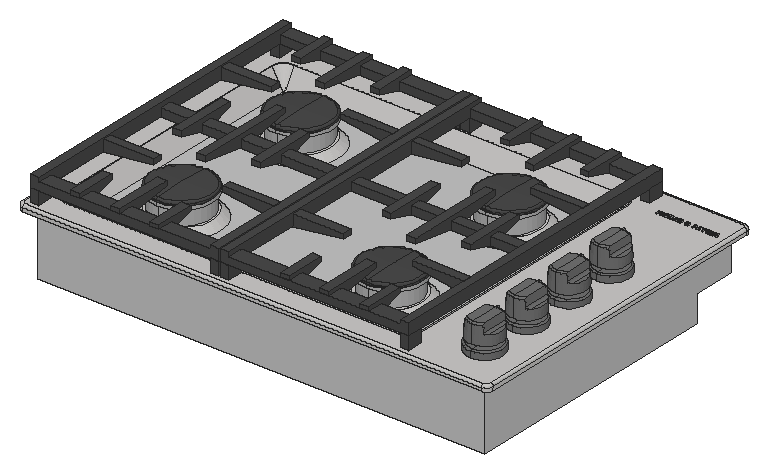
Revit family "FP_Revit_18_CDV3-304-L_Cooktop_90001910A", category Specialty Equipment, Revit 2018
Family settings
  Round Connector Dimension = Use Diameter
  Part Type = Normal
  OmniClass Number = 23.40.40.14.17.11
  OmniClass Title = Cookers, Ovens, Stoves
  Work Plane-Based = No
  Always vertical = Yes
  Cut with Voids When Loaded = Yes
  Shared = No
  Room Calculation Point = No
Parameters (values of type "CDV3-304-L")
  Visibility - Gas Elbow Side Facing = yes
  Visibility - Gas Elbow Rear Facing = yes
  Visibility - Clearance Required = yes
  URL = "www.fisherpaykel.com"
  Product - Width = 762 mm  # constant formula
  Product - Height = 162 mm  # constant formula
  Product - Depth = 533 mm  # constant formula
  Model = "CDV3-304-L"
  Material - Trim = Fisher & Paykel - Aluminium, Dark
  Material - Cooktop = Fisher & Paykel - Stainless Steel
  Material - Burners & Trivets = Fisher & Paykel - Black, Matte
  Material - Body = Fisher & Paykel - Grey
  Manufacturer = "Fisher & Paykel Appliances"
  Keynote = ""
  FFL Offset [instance] = 915 mm
  Description = "30\" Professional Gas Cooktop,"
  Connector Note - Gas = "LP Supply Pressure = 11\" to 14\" WC, 1/2\" NPT Minimum 5/8\" dia. flex line"
  Connector Note - Electrical = "120 V, 0.1 A Max, 60 Hz"
  Clearance - Side Combustible = 305 mm  # constant formula
  Clearance - Rear Combustible = 51 mm  # constant formula
  Clearance - Overhead Rangehood = 762 mm  # constant formula
  Clearance - Overhead Non-Combustible = 762 mm  # constant formula
  Clearance - Overhead Combustible = 914 mm  # constant formula
  Clearance - Below Non-Combustible = 70 mm  # constant formula
  Clearance - Below Combustible = 65 mm  # constant formula
  Chassis - Width = 723 mm  # constant formula
  Chassis - Height = 102 mm  # constant formula
  Chassis - Depth = 497 mm  # constant formula
  Cavity - Width = 727 mm  # constant formula
  Cavity - Height = 112 mm  # constant formula
  Cavity - Depth = 502 mm  # constant formula
Types (5, lengths in mm): name | Visibility - Gas Elbow Side Facing | Visibility - Gas Elbow Rear Facing | Model | Connector Note - Gas
  (no name) | yes | yes | "CDV3-304-L" | "LP Supply Pressure = 11\" to 14\" WC, 1/2\" NPT Minimum 5/8\" dia. flex line"
  CDV3-304H-L | no | no | "CDV3-304H-L" | "LP Supply Pressure = 11\" to 14\" WC, 1/2\" NPT Minimum 5/8\" dia. flex line"
  CDV3-304H-N | yes | yes | "CDV3-304H-N" | "NG Supply Pressure = 6\" to 9\" WC, 1/2\" NPT Minimum 5/8\" dia. flex line"
  CDV3-304-N | yes | yes | "CDV3-304-N" | "NG Supply Pressure = 6\" to 9\" WC, 1/2\" NPT Minimum 5/8\" dia. flex line"
  CDV3-304-L | yes | yes | "CDV3-304-L" | "LP Supply Pressure = 11\" to 14\" WC, 1/2\" NPT Minimum 5/8\" dia. flex line"
Reference planes
  plane 1 "Datum": y = 0
  plane 2: z = 0
  plane 3 "Center (Left/Right)": x = 0
  plane 4 "Product LHS": x = -381
  plane 5 "Product RHS": x = 381
  plane 6 "Product - Depth": y = 533
  plane 7 "Cavity LHS": x = -363.5
  plane 8 "Cavity RHS": x = 363.5
  plane 9 "Cavity - Front": y = 15.8
  plane 10 "Cavity - Depth": y = 517.8
  plane 11 "Basepan": z = 813
  plane 12 "Countertop": z = 915
  plane 13 "Hob Top": z = 924.5
Forms (mm)
  Extrusion 1, solid, material "Fisher & Paykel - Grey" <- "Material - Body"
    sketch origin (0, 0, 0) x (1, 0, 0) y (0, 1, 0)
      loop
        line (361.5, 447.3) -> (255, 447.3) -> (255, 515.3) -> (-361.5, 515.3) -> (-361.5, 18.3) -> (361.5, 18.3) -> (361.5, 447.3)
    from 813 to 915
  Extrusion 2, solid, material "Fisher & Paykel - Clearance Required (Cutout)", visible <- "Visibility - Clearance Required", detail levels coarse
    sketch origin (0, 0, 0) x (1, 0, 0) y (0, 1, 0)
      loop
        line (-363.5, 15.8) -> (363.5, 15.8) -> (363.5, 517.8) -> (-363.5, 517.8) -> (-363.5, 15.8)
    from 803 to 915
  Extrusion 3, solid, material "Fisher & Paykel - Stainless Steel" <- "Material - Cooktop"
    sketch origin (0, 0, 0) x (1, 0, 0) y (0, 1, 0)
      loop
        arc (-371, 533) -> (-378.071, 530.071) -> (-381, 523) r 10
        line (-381, 523) -> (-381, 10)
        arc (-381, 10) -> (-378.071, 2.929) -> (-371, 0) r 10
        line (-371, 0) -> (371, 0)
        arc (371, 0) -> (378.071, 2.929) -> (381, 10) r 10
        line (381, 10) -> (381, 523)
        arc (381, 523) -> (378.071, 530.071) -> (371, 533) r 10
        line (371, 533) -> (-371, 533)
    from 915 to 924.5
  Extrusion 4, void
    sketch origin (0, 0, 0) x (1, 0, 0) y (0, 1, 0)
      loop
        arc (-330.447, 496.197) -> (-344.589, 490.34) -> (-350.447, 476.197) r 20
        line (-350.447, 476.197) -> (-350.447, 57.203)
        arc (-350.447, 57.203) -> (-344.589, 43.06) -> (-330.447, 37.203) r 20
        line (-330.447, 37.203) -> (205.627, 37.203)
        arc (205.627, 37.203) -> (219.769, 43.06) -> (225.627, 57.203) r 20
        line (225.627, 57.203) -> (225.627, 476.197)
        arc (225.627, 476.197) -> (219.769, 490.34) -> (205.627, 496.197) r 20
        line (205.627, 496.197) -> (-330.447, 496.197)
    from 893 to 924.5
  Sweep 5, solid, material "Fisher & Paykel - Stainless Steel" <- "Material - Cooktop", detail levels fine
    path in 3D
      loop
        arc (205.627, 496.197, 924.5) -> (219.769, 490.34, 924.5) -> (225.627, 476.197, 924.5) r 20
        line (225.627, 476.197, 924.5) -> (225.627, 57.203, 924.5)
        arc (225.627, 57.203, 924.5) -> (219.769, 43.06, 924.5) -> (205.627, 37.203, 924.5) r 20
        line (205.627, 37.203, 924.5) -> (-330.447, 37.203, 924.5)
        arc (-330.447, 37.203, 924.5) -> (-344.589, 43.06, 924.5) -> (-350.447, 57.203, 924.5) r 20
        line (-350.447, 57.203, 924.5) -> (-350.447, 476.197, 924.5)
        arc (-350.447, 476.197, 924.5) -> (-344.589, 490.34, 924.5) -> (-330.447, 496.197, 924.5) r 20
        line (-330.447, 496.197, 924.5) -> (205.627, 496.197, 924.5)
    profile origin (-62.41, 496.197, 924.5) x (0, 1, 0) y (0, 0, 1)
      loop
        line (0, 0) -> (-18.187, -31.5) -> (0, -31.5) -> (0, 0)
  Sweep 6, void
    path in 3D
      loop
        arc (381, 523, 924.5) -> (378.071, 530.071, 924.5) -> (371, 533, 924.5) r 10
        line (371, 533, 924.5) -> (-371, 533, 924.5)
        arc (-371, 533, 924.5) -> (-378.071, 530.071, 924.5) -> (-381, 523, 924.5) r 10
        line (-381, 523, 924.5) -> (-381, 10, 924.5)
        arc (-381, 10, 924.5) -> (-378.071, 2.929, 924.5) -> (-371, 0, 924.5) r 10
        line (-371, 0, 924.5) -> (371, 0, 924.5)
        arc (371, 0, 924.5) -> (378.071, 2.929, 924.5) -> (381, 10, 924.5) r 10
        line (381, 10, 924.5) -> (381, 523, 924.5)
    profile origin (381, 266.5, 924.5) x (-1, 0, 0) y (0, 0, 1)
      loop
        line (0, 0) -> (0, -4)
        arc (0, -4) -> (1.172, -1.172) -> (4, 0) r 4
        line (4, 0) -> (0, 0)
  Extrusion 7, solid, material "Fisher & Paykel - Grey" <- "Material - Body"
    sketch origin (0, 0, 0) x (1, 0, 0) y (0, 1, 0)
      loop
        circle (338.231, 491.487) r 3
    from 856.4 to 844
  Extrusion 8, solid, material "Fisher & Paykel - Grey" <- "Material - Body"
    sketch origin (0, 0, 0) x (1, 0, 0) y (0, 1, 0)
      loop
        circle (290.996, 481.611) r 10.5
      loop
        circle (290.996, 481.611) r 7
    from 844 to 856.4
  Extrusion 9, void
    sketch origin (0, 0, 0) x (1, 0, 0) y (0, 1, 0)
      loop
        line (-363.5, 15.8) -> (363.5, 15.8) -> (363.5, 517.8) -> (-363.5, 517.8) -> (-363.5, 15.8)
    from 803 to 915
  Extrusion 10, solid, material "Fisher & Paykel - Clearance Required (Combustible)", visible <- "Visibility - Clearance Required", detail levels coarse
    sketch origin (0, 0, -9.5) x (1, 0, 0) y (0, 1, 0)
      loop
        line (-686, 0) -> (-381, 0) -> (-381, 533) -> (381, 533) -> (381, 0) -> (686, 0) -> (686, 568.8) -> (-686, 568.8) -> (-686, 0)
    from 924.5 to 1381.5
  Extrusion 11, solid, material "Fisher & Paykel - Clearance Required (Non-Combustible)", visible <- "Visibility - Clearance Required", detail levels coarse
    sketch origin (0, 0, 0) x (1, 0, 0) y (0, 1, 0)
      loop
        line (-381, 0) -> (381, 0) -> (381, 533) -> (-381, 533) -> (-381, 0)
    from 924.5 to 1686.5
  Extrusion 12, solid, material "Fisher & Paykel - Clearance Required (Combustible)", visible <- "Visibility - Clearance Required", detail levels coarse
    sketch origin (0, 0, 0) x (1, 0, 0) y (0, 1, 0)
      loop
        line (-381, 0) -> (381, 0) -> (381, 533) -> (-381, 533) -> (-381, 0)
    from 1686.5 to 1838.5
  Extrusion 13, solid, material "Fisher & Paykel - Grey" <- "Material - Body"
    sketch origin (0, 0, 0) x (1, 0, 0) y (0, 1, 0)
      loop
        line (255, 447.3) -> (361.5, 447.3) -> (361.5, 515.3) -> (255, 515.3) -> (255, 447.3)
    from 856.4 to 915
Cuts and joins
  Extrusion 4 cuts Extrusion 1
  joined: Extrusion 1, Extrusion 13
  Extrusion 4, Sweep 6 cuts Extrusion 3
Lines and regions (mm)
  sketch lines
    curve 1: line (-330.447, 496.197, 924.5) -> (205.627, 496.197, 924.5)
    curve 2: arc (225.627, 476.197, 924.5) -> (219.769, 490.34, 924.5) -> (205.627, 496.197, 924.5) r 20
    curve 3: line (225.627, 476.197, 924.5) -> (225.627, 57.203, 924.5)
    curve 4: arc (205.627, 37.203, 924.5) -> (219.769, 43.06, 924.5) -> (225.627, 57.203, 924.5) r 20
    curve 5: line (205.627, 37.203, 924.5) -> (-330.447, 37.203, 924.5)
    curve 6: arc (-350.447, 57.203, 924.5) -> (-344.589, 43.06, 924.5) -> (-330.447, 37.203, 924.5) r 20
    curve 7: arc (-330.447, 496.197, 924.5) -> (-344.589, 490.34, 924.5) -> (-350.447, 476.197, 924.5) r 20
    curve 8: line (-350.447, 57.203, 924.5) -> (-350.447, 476.197, 924.5)
    curve 9: line (381, 10, 924.5) -> (381, 523, 924.5)
    curve 10: arc (381, 10, 924.5) -> (378.071, 2.929, 924.5) -> (371, 0, 924.5) r 10
    curve 11: line (-371, 0, 924.5) -> (371, 0, 924.5)
    curve 12: arc (-371, 0, 924.5) -> (-378.071, 2.929, 924.5) -> (-381, 10, 924.5) r 10
    curve 13: line (-381, 523, 924.5) -> (-381, 10, 924.5)
    curve 14: arc (-381, 523, 924.5) -> (-378.071, 530.071, 924.5) -> (-371, 533, 924.5) r 10
    curve 15: line (371, 533, 924.5) -> (-371, 533, 924.5)
    curve 16: arc (371, 533, 924.5) -> (378.071, 530.071, 924.5) -> (381, 523, 924.5) r 10
Text (mm)
  text "Due to ongoing product development, product details are subject to change without notice. \nPlease always refer to www.fisherpaykel.com for the most current product information. \n© Fisher & Paykel 2020" at (41.04, -459.323, 0), in view "Ref. Level (Plan)"
Dimensions and locks
  equal spacing: plane 4 "Product LHS", plane 3 "Center (Left/Right)", plane 5 "Product RHS"
  "Product - Width": plane 4 "Product LHS" to plane 5 "Product RHS"
  equal spacing: plane 7 "Cavity LHS", plane 3 "Center (Left/Right)", plane 8 "Cavity RHS"
  "Cavity - Width": plane 7 "Cavity LHS" to plane 8 "Cavity RHS"
  "Chassis - Width": cut or joined group of Extrusion 1, Extrusion 4, Extrusion 13 to cut or joined group of Extrusion 1, Extrusion 4, Extrusion 13
  equal spacing: cut or joined group of Extrusion 1, Extrusion 4, Extrusion 13, plane 3 "Center (Left/Right)", cut or joined group of Extrusion 1, Extrusion 4, Extrusion 13
  "Product - Depth": plane 6 "Product - Depth" to plane 1 "Datum"
  "Cavity - Depth": plane 9 "Cavity - Front" to plane 10 "Cavity - Depth"
  locked: plane 1 "Datum" to plane 9 "Cavity - Front" at 15.8
  locked: plane 13 "Hob Top" to plane 12 "Countertop" at 9.5
  "Chassis - Height": plane 12 "Countertop" to plane 11 "Basepan"
  "FFL Offset": plane 12 "Countertop" to level
  "Cavity - Height": plane 12 "Countertop" to Extrusion 2
  plane 12 "Countertop" to Sweep 5 = 22 mm
  locked: nested 3 to plane 12 "Countertop" at 49.5
  locked: plane 12 "Countertop" to cut or joined group of Extrusion 1, Extrusion 4, Extrusion 13 at 22
  locked: Extrusion 10 to plane 12 "Countertop" at 457
  "Clearance - Overhead Non-Combustible": Extrusion 11 to plane 13 "Hob Top"
  Extrusion 10 to plane 10 "Cavity - Depth" to cut or joined group of Extrusion 1, Extrusion 4, Extrusion 13 = 15.2 mm, 2.5 mm
  "Clearance - Overhead Combustible": Extrusion 12 to plane 13 "Hob Top"
  "Clearance - Rear Combustible": Extrusion 10 to plane 10 "Cavity - Depth"
  "Clearance - Side Combustible": Extrusion 10 to plane 4 "Product LHS"
  "Clearance - Side Combustible": plane 5 "Product RHS" to Extrusion 10
  "Chassis - Depth": cut or joined group of Extrusion 1, Extrusion 4, Extrusion 13 to cut or joined group of Extrusion 1, Extrusion 4, Extrusion 13
  locked: plane 1 "Datum" to cut or joined group of Extrusion 1, Extrusion 4, Extrusion 13 at 18.3
  locked: Extrusion 13 to plane 12 "Countertop" at 58.6
  locked: plane 12 "Countertop" to nested 15 at 86.6
  locked: plane 12 "Countertop" to nested 16 at 86.6
  locked: plane 12 "Countertop" to Extrusion 8 at 71
  aligned and locked: level to plane 2
  aligned and locked: plane 6 "Product - Depth" to Extrusion 3
  aligned and locked: plane 1 "Datum" to Extrusion 3
  aligned and locked: Extrusion 3 to plane 4 "Product LHS"
  aligned and locked: Extrusion 3 to plane 5 "Product RHS"
  aligned and locked: Extrusion 2 to plane 9 "Cavity - Front"
  aligned and locked: plane 12 "Countertop" to Extrusion 2
  aligned and locked: Extrusion 2 to Extrusion 1
  aligned and locked: Extrusion 1 to plane 11 "Basepan"
  aligned and locked: Extrusion 3 to Extrusion 2
  aligned and locked: Extrusion 9 to Extrusion 2  (x2)
  aligned and locked: plane 13 "Hob Top" to Extrusion 3
  aligned and locked: cut or joined group of Extrusion 3, Extrusion 4, Sweep 6 to Extrusion 4
  aligned and locked: Extrusion 10 to Extrusion 2
  aligned and locked: Extrusion 11 to cut or joined group of Extrusion 3, Extrusion 4, Sweep 6
  aligned and locked: Extrusion 12 to Extrusion 11
  aligned and locked: plane 12 "Countertop" to Extrusion 13
  aligned and locked: Extrusion 8 to Extrusion 13
  aligned and locked: Extrusion 7 to Extrusion 13
  aligned and locked: Extrusion 13 to cut or joined group of Extrusion 1, Extrusion 4, Extrusion 13  (x2)
  aligned and locked: Extrusion 13 to cut or joined group of Extrusion 3, Extrusion 4, Sweep 6
  aligned and locked: Extrusion 8 to Extrusion 7
  aligned and locked: Extrusion 1 to Extrusion 13
Automatic sketch dimensions
  plane 10 "Cavity - Depth" to Extrusion 2 sketch curve = 0 mm
  Extrusion 2 sketch curve to plane 9 "Cavity - Front" = 0 mm
  plane 7 "Cavity LHS" to Extrusion 2 sketch curve = 0 mm
  Extrusion 2 sketch curve to plane 8 "Cavity RHS" = 0 mm
  Extrusion 3 sketch curve to plane 4 "Product LHS" = 0 mm
  plane 1 "Datum" to Extrusion 3 sketch curve = 0 mm
  Extrusion 3 sketch curve to plane 6 "Product - Depth" = 0 mm
  Extrusion 3 sketch curve to plane 5 "Product RHS" = 0 mm
  plane 7 "Cavity LHS" to Extrusion 3 sketch curve = 7.5 mm  (x2)
  Extrusion 3 sketch curve to plane 8 "Cavity RHS" = 7.5 mm
  Extrusion 3 sketch curve to plane 9 "Cavity - Front" = 5.8 mm
  Extrusion 4 sketch curve to plane 7 "Cavity LHS" = 13.053 mm
  plane 9 "Cavity - Front" to Extrusion 4 sketch curve = 21.403 mm
  Extrusion 4 sketch curve to Extrusion 4 sketch curve = 20 mm  (x3)
  plane 10 "Cavity - Depth" to Extrusion 4 sketch curve = 21.603 mm
  plane 8 "Cavity RHS" to Extrusion 4 sketch curve = 157.873 mm  (x2)
  Sweep 5 sketch curve to profile plane = 0 mm  (x2)
  profile plane to Sweep 5 sketch curve = 18.187 mm
  Sweep 5 sketch curve to Sweep 5 sketch curve = 31.5 mm
  Sweep 6 sketch curve to profile plane = 0 mm  (x2)
  Sweep 6 sketch curve to Sweep 6 sketch curve = 4 mm
  plane 8 "Cavity RHS" to Extrusion 7 sketch curve = 25.269 mm
  plane 10 "Cavity - Depth" to Extrusion 7 sketch curve = 26.312 mm
  plane 10 "Cavity - Depth" to Extrusion 9 sketch curve = 0 mm
  Extrusion 9 sketch curve to plane 9 "Cavity - Front" = 0 mm
  plane 7 "Cavity LHS" to Extrusion 9 sketch curve = 0 mm
  Extrusion 9 sketch curve to plane 8 "Cavity RHS" = 0 mm
  plane 1 "Datum" to Extrusion 10 sketch curve = 0 mm  (x2)
  Extrusion 10 sketch curve to plane 4 "Product LHS" = 0 mm
  Extrusion 10 sketch curve to plane 5 "Product RHS" = 0 mm
  Extrusion 10 sketch curve to plane 6 "Product - Depth" = 0 mm
  plane 4 "Product LHS" to Extrusion 10 sketch curve = 305 mm
  Extrusion 10 sketch curve to Extrusion 10 sketch curve = 305 mm
  plane 6 "Product - Depth" to Extrusion 10 sketch curve = 35.8 mm
  Extrusion 11 sketch curve to plane 4 "Product LHS" = 0 mm
  Extrusion 11 sketch curve to plane 5 "Product RHS" = 0 mm
  plane 1 "Datum" to Extrusion 11 sketch curve = 0 mm
  Extrusion 11 sketch curve to plane 6 "Product - Depth" = 0 mm
  Extrusion 12 sketch curve to plane 4 "Product LHS" = 0 mm
  Extrusion 12 sketch curve to plane 5 "Product RHS" = 0 mm
  plane 1 "Datum" to Extrusion 12 sketch curve = 0 mm
  Extrusion 12 sketch curve to plane 6 "Product - Depth" = 0 mm
  Extrusion 1 sketch curve to plane 7 "Cavity LHS" = 2 mm
  plane 8 "Cavity RHS" to Extrusion 1 sketch curve = 2 mm
  plane 9 "Cavity - Front" to Extrusion 1 sketch curve = 2.5 mm
  plane 10 "Cavity - Depth" to Extrusion 1 sketch curve = 2.5 mm
  Extrusion 1 sketch curve to Extrusion 1 sketch curve = 106.5 mm
  Extrusion 1 sketch curve to Extrusion 1 sketch curve = 68 mm
  Extrusion 13 sketch curve to plane 6 "Product - Depth" = 17.7 mm
  plane 8 "Cavity RHS" to Extrusion 13 sketch curve = 108.5 mm
  plane 5 "Product RHS" to Extrusion 13 sketch curve = 19.5 mm
  plane 10 "Cavity - Depth" to Extrusion 13 sketch curve = 70.5 mm
  Extrusion 8 sketch curve to Extrusion 8 sketch curve = 0 mm  (x2)
  plane 10 "Cavity - Depth" to Extrusion 8 sketch curve = 36.189 mm
  plane 8 "Cavity RHS" to Extrusion 8 sketch curve = 72.504 mm
  radius of Extrusion 7 sketch curve = 3 mm
  radius of Extrusion 8 sketch curve = 7 mm
  radius of Extrusion 8 sketch curve = 10.5 mm
Nested families
  nested 1: "F&P Logo 100mm Horizontal" at (316, 483, 924.5), type "F&P Logo 100mm Horizontal"
  nested 2: "F&P CDV3 Trivet 304" at (-231.8, -53.962, 927.5), type "F&P CDV3 Trivet 304"
  nested 3: "F&P CDV3 Trivet 304" at (107.264, 587.362, 927.5) x (-1, 0, 0) z (0, 0, 1), type "F&P CDV3 Trivet 304"
  nested 4: "F&P Dial CDV3" at (316, 74.79, 924.5), type "F&P Dial CDV3"
  nested 5: "F&P Dial CDV3" at (316, 159.79, 924.5), type "F&P Dial CDV3"
  nested 6: "F&P Dial CDV3" at (316, 244.79, 924.5), type "F&P Dial CDV3"
  nested 7: "F&P Dial CDV3" at (316, 329.79, 924.5), type "F&P Dial CDV3"
  nested 8: "F&P Logo 100mm Horizontal" at (316, 483, 509.5), type "F&P Logo 100mm Horizontal", not visible
  nested 9: "F&P CDV3 Trivet 304" at (-231.8, -53.962, 512.5), type "F&P CDV3 Trivet 304", not visible
  nested 10: "F&P CDV3 Trivet 304" at (107.264, 587.362, 512.5) x (-1, 0, 0) z (0, 0, 1), type "F&P CDV3 Trivet 304", not visible
  nested 11: "F&P Dial CDV3" at (316, 74.79, 509.5), type "F&P Dial CDV3", not visible
  nested 12: "F&P Dial CDV3" at (316, 159.79, 509.5), type "F&P Dial CDV3", not visible
  nested 13: "F&P Dial CDV3" at (316, 244.79, 509.5), type "F&P Dial CDV3", not visible
  nested 14: "F&P Dial CDV3" at (316, 329.79, 509.5), type "F&P Dial CDV3", not visible
  nested 15: "F&P Gas_Elbow" at (290.996, 481.611, 828.4), visible <- "Visibility - Gas Elbow Side Facing", type "F&P Gas_Elbow"
  nested 16: "F&P Gas_Elbow" at (290.996, 481.611, 828.4) x (0, 1, 0) z (0, 0, 1), visible <- "Visibility - Gas Elbow Rear Facing", type "F&P Gas_Elbow"
Connectors
  electrical at (338.231, 491.487, 856.4), driven by "Connector Note - Electrical"
    settings: on Extrusion 7, index 1, voltage 120 V, apparent load 0 VA, apparent load phase1 0 VA, apparent load phase2 0 VA, apparent load phase3 0 VA, power factor 1, load classification "Other", number of poles 1, system type 30, power factor state 1, is connector primary yes, connector utility no, sub classification motor no, connector description "120 V, 0.1 A Max, 60 Hz"
  piping at (290.996, 481.611, 844), diameter 21, driven by "Connector Note - Gas"
    settings: on Extrusion 8, index 2, connector inside diameter 609.6 mm, connector length 0 mm, flow factor 0, pipe flow 0.0 L/s, pressure drop 0.0 Pa, fitting loss kfactor 0, connector angle 0.00°, fixture units 0, engagement length 0 mm, angle of deflection 0.00°, flow configuration 0, flow direction 1, fitting loss method 0, system type 22, joint type 0, gender type 0, connector reference index -1, connector utility 0, adjustable connector no, is connector primary yes, connector description "LP Supply Pressure = 11\" to 14\" WC, 1/2\" NPT Minimum 5/8\" dia. flex line"
Definition of nested family "F&P Logo 100mm Horizontal"
  Parameters (values of type "F&P Logo 100mm Horizontal")
    URL = "www.fisherpaykel.com"
    Material - Logo = none
    Manufacturer = "Fisher & Paykel Appliances"
  Reference planes
    plane 1 "Center (Front/Back)": y = 0
    plane 2: z = 0
    plane 3 "Center (Left/Right)": x = 0
  Forms (mm)
    Extrusion 1, solid, material <- "Material - Logo", detail levels fine
      sketch origin (0, 0, 0) x (1, 0, 0) y (0, 1, 0)
        loop
          line (-49.996, 0) -> (-48.422, 0) -> (-48.422, 2.138) -> (-45.963, 2.138) -> (-45.963, 3.472) -> (-48.422, 3.472) -> (-48.422, 4.712) -> (-45.746, 4.712) -> (-45.746, 6.04) -> (-49.996, 6.04) -> (-49.996, 0)
        loop
          line (-42.756, 6.04) -> (-42.756, 0) -> (-41.182, 0) -> (-41.182, 6.04) -> (-42.756, 6.04)
        loop
          line (-30.676, 6.04) -> (-30.676, 0) -> (-29.103, 0) -> (-29.103, 2.42) -> (-26.791, 2.42) -> (-26.791, 0) -> (-25.217, 0) -> (-25.217, 6.04) -> (-26.791, 6.04) -> (-26.791, 3.748) -> (-29.103, 3.748) -> (-29.103, 6.04) -> (-30.676, 6.04)
        loop
          line (-21.858, 6.04) -> (-21.858, 0) -> (-17.554, 0) -> (-17.554, 1.328) -> (-20.299, 1.328) -> (-20.299, 2.42) -> (-17.79, 2.42) -> (-17.79, 3.748) -> (-20.299, 3.748) -> (-20.299, 4.712) -> (-17.554, 4.712) -> (-17.554, 6.04) -> (-21.858, 6.04)
        loop
          line (45.715, 6.04) -> (45.715, 0) -> (50.004, 0) -> (50.004, 1.328) -> (47.289, 1.328) -> (47.289, 6.04) -> (45.715, 6.04)
        loop
          line (42.479, 6.04) -> (38.161, 6.04) -> (38.161, 0) -> (42.479, 0) -> (42.479, 1.328) -> (39.735, 1.328) -> (39.735, 2.42) -> (42.243, 2.42) -> (42.243, 3.748) -> (39.735, 3.748) -> (39.735, 4.712) -> (42.479, 4.712) -> (42.479, 6.04)
        loop
          line (33.499, 3.148) -> (35.731, 6.04) -> (33.892, 6.04) -> (31.964, 3.542) -> (31.964, 6.04) -> (30.39, 6.04) -> (30.39, 0) -> (31.964, 0) -> (31.964, 2.705) -> (33.951, 0) -> (35.811, 0) -> (33.499, 3.148)
        loop
          line (22.029, 6.04) -> (24.311, 2.42) -> (24.311, 0) -> (25.885, 0) -> (25.885, 2.341) -> (28.167, 6.04) -> (26.494, 6.04) -> (25.148, 3.707) -> (23.801, 6.04) -> (22.029, 6.04)
        loop
          line (18.527, 6.04) -> (17.031, 6.04) -> (14.572, 0) -> (16.117, 0) -> (16.549, 1.112) -> (18.969, 1.112) -> (19.402, 0) -> (20.986, 0) -> (18.527, 6.04)
        loop
          line (18.448, 2.439) -> (17.741, 4.174) -> (17.066, 2.439) -> (18.448, 2.439)
        loop
          line (8.079, 6.04) -> (8.079, 0) -> (9.654, 0) -> (9.654, 1.938) -> (10.647, 1.938)
          arc (10.647, 1.938) -> (12.698, 3.989) -> (10.647, 6.04) r 2.051
          line (10.647, 6.04) -> (8.079, 6.04)
        loop
          line (9.654, 4.712) -> (9.654, 3.197) -> (10.549, 3.197)
          arc (10.549, 3.197) -> (11.307, 3.954) -> (10.549, 4.712) r 0.757
          line (10.549, 4.712) -> (9.654, 4.712)
        loop
          line (-11.735, 6.04) -> (-14.318, 6.04) -> (-14.318, 0) -> (-12.744, 0) -> (-12.744, 1.336) -> (-11.944, 1.336) -> (-10.924, 0) -> (-9.104, 0) -> (-10.646, 1.973)
          arc (-10.646, 1.973) -> (-9.63, 4.424) -> (-11.735, 6.04) r 2.179
        loop
          line (-11.849, 4.712) -> (-12.744, 4.712) -> (-12.744, 3.053) -> (-11.849, 3.053)
          arc (-11.849, 3.053) -> (-11.02, 3.882) -> (-11.849, 4.712) r 0.83
        loop
          line (0.526, 4.712) -> (0.526, 6.153) -> (-3.527, 6.153) -> (-3.527, 4.851) -> (-2.926, 4.112)
          arc (-2.926, 4.112) -> (-3.462, 0.684) -> (0.003, 0.512) r 2.334
          line (0.003, 0.512) -> (0.508, -0.109) -> (2.294, -0.109) -> (0.908, 1.594) -> (2.109, 3.324) -> (0.491, 3.324) -> (0.035, 2.667) -> (-1.629, 4.712) -> (0.526, 4.712)
        loop
          arc (-2.077, 3.068) -> (-2.221, 1.668) -> (-0.82, 1.524) r 0.996
          line (-0.82, 1.524) -> (-2.077, 3.068)
        loop
          line (-35.132, 3.634) -> (-36.468, 3.91)
          arc (-36.468, 3.91) -> (-37, 4.443) -> (-36.468, 4.976) r 0.533
          arc (-36.468, 4.976) -> (-35.186, 4.79) -> (-34.011, 4.248) r 4.505
          line (-34.011, 4.248) -> (-34.011, 5.743)
          arc (-34.011, 5.743) -> (-35.501, 6.179) -> (-37.052, 6.109) r 4.726
          arc (-37.052, 6.109) -> (-38.488, 4.335) -> (-37.052, 2.561) r 1.814
          line (-37.052, 2.561) -> (-35.706, 2.282)
          arc (-35.706, 2.282) -> (-35.173, 1.749) -> (-35.706, 1.216) r 0.533
          arc (-35.706, 1.216) -> (-36.987, 1.402) -> (-38.162, 1.945) r 4.505
          line (-38.162, 1.945) -> (-38.162, 0.449)
          arc (-38.162, 0.449) -> (-36.672, 0.013) -> (-35.121, 0.083) r 4.726
          arc (-35.121, 0.083) -> (-33.686, 1.863) -> (-35.132, 3.634) r 1.814
      from 0 to 0.8
  Dimensions and locks
    aligned and locked: level to plane 2
Definition of nested family "F&P CDV3 Trivet 304"
  Parameters (values of type "F&P CDV3 Trivet 304")
    URL = "www.fisherpaykel.com"
    Product - Width = 278 mm
    Material - Trim = none
    Material - Burners & Trivets = none
    Material - Body = none
    Manufacturer = "Fisher & Paykel Appliances"
  Reference planes
    plane 1 "Center (Front/Back)": y = 0
    plane 2: z = 0
    plane 3 "Center (Left/Right)": x = 0
    plane 4 "Product LHS": x = -137
    plane 5 "Product RHS": x = 168.532
  Forms (mm)
    Extrusion 1, solid, material <- "Material - Burners & Trivets"
      sketch origin (0, 0, 0) x (1, 0, 0) y (0, 1, 0)
        loop
          line (-137, 575.663) -> (-137, 65.662) -> (168.532, 65.662) -> (168.532, 575.663) -> (-137, 575.663)
        loop
          line (154.532, 329.703) -> (154.532, 551.662) -> (-122.868, 551.662) -> (-122.868, 329.703) -> (154.532, 329.703)
        loop
          line (154.532, 89.663) -> (154.532, 311.622) -> (-122.868, 311.622) -> (-122.868, 89.663) -> (154.532, 89.663)
      from 18 to 31
    Extrusion 2, solid, material <- "Material - Burners & Trivets", detail levels fine
      sketch origin (0, 0, 0) x (1, 0, 0) y (0, 1, 0)
        loop
          line (-123, 551.662) -> (-123, 575.663) -> (-137, 575.663) -> (-137, 551.662) -> (-123, 551.662)
        loop
          line (-122.868, 89.663) -> (-137, 89.663) -> (-137, 65.662) -> (-122.868, 65.662) -> (-122.868, 89.663)
        loop
          line (154.532, 89.663) -> (154.532, 65.662) -> (168.532, 65.662) -> (168.532, 89.663) -> (154.532, 89.663)
        loop
          line (154.532, 551.662) -> (168.532, 551.662) -> (168.532, 575.663) -> (154.532, 575.663) -> (154.532, 551.662)
      from -3 to 18
    Revolve 3, solid, material <- "Material - Body", detail levels fine
      sketch origin (0, 0, 0) x (0, 1, 0) y (0, 0, -1)
        loop
          line (150.642, -7.236) -> (200.642, -7.236) -> (200.642, 23.189) -> (155.063, 23.189) -> (155.063, -2.236) -> (150.642, -2.236) -> (150.642, -7.236)
        axis (200.642, -7.236) -> (200.642, 23.189)
      angle from 0 to 360
    Revolve 4, solid, material <- "Material - Burners & Trivets"
      sketch origin (0, 0, 0) x (0, 1, 0) y (0, 0, -1)
        loop
          line (200.642, -8.307) -> (150.643, -8.307) -> (150.643, -10.381)
          arc (150.643, -10.381) -> (151.417, -12.393) -> (153.342, -13.366) r 3
          arc (153.342, -13.366) -> (176.962, -15.15) -> (200.642, -15.745) r 471.449
          line (200.642, -15.745) -> (200.642, -8.307)
        axis (200.642, -15.745) -> (200.642, -8.307)
      angle from 0 to 360
    Revolve 5, solid, material <- "Material - Trim", detail levels fine
      sketch origin (0, 0, 0) x (0, 1, 0) y (0, 0, -1)
        loop
          line (150.602, 23.189) -> (200.642, 23.189) -> (200.642, 34.699) -> (139.092, 34.699) -> (150.602, 23.189)
        axis (200.642, 23.189) -> (200.642, 34.699)
      angle from 0 to 360
    Revolve 6, solid, material <- "Material - Body", detail levels fine
      sketch origin (0, 240.04, 0) x (0, 1, 0) y (0, 0, -1)
        loop
          line (150.642, -7.236) -> (200.642, -7.236) -> (200.642, 23.189) -> (155.063, 23.189) -> (155.063, -2.236) -> (150.642, -2.236) -> (150.642, -7.236)
        axis (200.642, -7.236) -> (200.642, 23.189)
      angle from 0 to 360
    Revolve 7, solid, material <- "Material - Burners & Trivets"
      sketch origin (0, 240.04, 0) x (0, 1, 0) y (0, 0, -1)
        loop
          line (200.642, -8.307) -> (150.643, -8.307) -> (150.643, -10.381)
          arc (150.643, -10.381) -> (151.417, -12.393) -> (153.342, -13.366) r 3
          arc (153.342, -13.366) -> (176.962, -15.15) -> (200.642, -15.745) r 471.449
          line (200.642, -15.745) -> (200.642, -8.307)
        axis (200.642, -15.745) -> (200.642, -8.307)
      angle from 0 to 360
    Revolve 8, solid, material <- "Material - Trim", detail levels fine
      sketch origin (0, 240.04, 0) x (0, 1, 0) y (0, 0, -1)
        loop
          line (150.602, 23.189) -> (200.642, 23.189) -> (200.642, 34.699) -> (139.092, 34.699) -> (150.602, 23.189)
        axis (200.642, 23.189) -> (200.642, 34.699)
      angle from 0 to 360
    Extrusion 9, solid, material <- "Material - Burners & Trivets", detail levels fine
      sketch origin (0, 0, 0) x (0, 1, 0) y (0, 0, 1)
        loop
          line (160.643, 37) -> (65.662, 37) -> (65.662, 31) -> (89.663, 31) -> (89.663, 18) -> (160.643, 29) -> (160.643, 37)
        loop
          line (240.642, 37) -> (240.642, 29) -> (311.622, 18) -> (311.622, 31) -> (329.703, 31) -> (329.703, 18) -> (400.683, 29) -> (400.683, 37) -> (240.642, 37)
        loop
          line (480.682, 37) -> (480.682, 29) -> (551.662, 18) -> (551.662, 31) -> (575.663, 31) -> (575.663, 37) -> (480.682, 37)
      from -7 to 7
    Extrusion 10, solid, material <- "Material - Burners & Trivets", detail levels fine
      sketch origin (0, 0, 0) x (0, 1, 0) y (0, 0, 1)
        loop
          line (129.662, 37) -> (65.662, 37) -> (65.662, 31) -> (89.663, 31) -> (89.663, 18) -> (129.662, 29) -> (129.662, 37)
        loop
          line (271.623, 37) -> (271.623, 29) -> (311.622, 18) -> (311.622, 31) -> (329.703, 31) -> (329.703, 18) -> (369.702, 29) -> (369.702, 37) -> (271.623, 37)
        loop
          line (511.663, 37) -> (511.663, 29) -> (551.662, 18) -> (551.662, 31) -> (575.663, 31) -> (575.663, 37) -> (511.663, 37)
      from -70.965 to -56.994
    Extrusion 11, solid, material <- "Material - Burners & Trivets", detail levels fine
      sketch origin (0, 0, 0) x (1, 0, 0) y (0, 0, 1)
        loop
          line (-40.066, 37) -> (-122.868, 37) -> (-122.868, 18.017) -> (-40.066, 29) -> (-40.066, 37)
        loop
          line (71.598, 37) -> (71.598, 29) -> (154.532, 18) -> (154.532, 37) -> (71.598, 37)
      from -208 to -194
    Extrusion 12, solid, material <- "Material - Burners & Trivets", detail levels fine
      sketch origin (0, 0, 0) x (0, 1, 0) y (0, 0, -1)
        loop
          line (129.662, -37) -> (129.662, -29) -> (89.663, -18) -> (89.663, -31) -> (65.662, -31) -> (65.662, -37) -> (129.662, -37)
        loop
          line (271.623, -37) -> (369.702, -37) -> (369.702, -29) -> (329.703, -18) -> (329.703, -31) -> (311.622, -31) -> (311.622, -18) -> (271.623, -29) -> (271.623, -37)
        loop
          line (511.663, -37) -> (575.663, -37) -> (575.663, -31) -> (551.662, -31) -> (551.662, -18) -> (511.663, -29) -> (511.663, -37)
      from -70.965 to -56.994
    Extrusion 13, solid, material <- "Material - Burners & Trivets"
      sketch origin (0, 0, 0) x (1, 0, 0) y (0, 1, 0)
        loop
          line (-137, 575.663) -> (-137, 65.662) -> (-122.868, 65.662) -> (-122.868, 575.663) -> (-137, 575.663)
        loop
          line (168.532, 575.663) -> (154.532, 575.663) -> (154.532, 65.662) -> (168.532, 65.662) -> (168.532, 575.663)
      from 31 to 37
    Extrusion 14, solid, material <- "Material - Burners & Trivets", detail levels fine
      sketch origin (0, 641.325, 0) x (1, 0, 0) y (0, 0, -1)
        loop
          line (-40.066, -37) -> (-40.066, -29) -> (-122.868, -18.017) -> (-122.868, -37) -> (-40.066, -37)
        loop
          line (71.598, -37) -> (154.532, -37) -> (154.532, -18) -> (71.598, -29) -> (71.598, -37)
      from -208 to -194
  Cuts and joins
    joined: Extrusion 1, Extrusion 13
  Dimensions and locks
    aligned and locked: level to plane 2
Definition of nested family "F&P Dial CDV3"
  Parameters (values of type "F&P Dial CDV3")
    URL = "www.fisherpaykel.com"
    Product - Depth = 50.5 mm
    Material - Trim = none
    Material - Buttons and Dials = none
    Manufacturer = "Fisher & Paykel Appliances"
  Reference planes
    plane 1 "Center (Front/Back)": y = 0
    plane 2: z = 0
    plane 3 "Center (Left/Right)": x = 0
    plane 4 "Product - Height": z = 50.5
  Forms (mm)
    Revolve 1, solid, material <- "Material - Buttons and Dials", detail levels fine
      sketch origin (0, 0, 0) x (0, 1, 0) y (0, 0, 1)
        loop
          line (-29.144, 0) -> (0, 0) -> (0, 50.5) -> (-23.6, 50.5) -> (-26.126, 47.974) -> (-27.128, 18.8) -> (-6.325, 18.8) -> (-6.325, 11.85) -> (-26.65, 11.85) -> (-29.144, 9.356) -> (-29.144, 0)
        axis (0, 50.5) -> (0, 0)
      angle from 0 to 360
    Extrusion 2, void
      sketch origin (0, 0, 0) x (0, 1, 0) y (0, 0, 1)
        loop
          line (27.028, 50.5) -> (22.639, 50.5) -> (22.639, 31.811) -> (27.028, 31.811) -> (27.028, 50.5)
      from -1.275 to 1.3
    Extrusion 3, solid, material <- "Material - Trim", detail levels fine
      sketch origin (0, 0, 0) x (0, 1, 0) y (0, 0, 1)
        loop
          line (22.639, 31.811) -> (26.721, 31.811) -> (26.721, 50.5) -> (22.639, 50.5) -> (22.639, 31.811)
      from -1.3 to 1.3
    Extrusion 4, void
      sketch origin (0, 0, 0) x (1, 0, 0) y (0, 0, 1)
        loop
          line (14.265, 50.5) -> (15.322, 38.419)
          arc (15.322, 38.419) -> (16.532, 35.497) -> (19.455, 34.286) r 4.133
          line (19.455, 34.286) -> (27, 33.626) -> (27, 50.5) -> (14.265, 50.5)
        loop
          line (-14.265, 50.5) -> (-27, 50.5) -> (-27, 33.626) -> (-19.455, 34.286)
          arc (-19.455, 34.286) -> (-16.532, 35.497) -> (-15.322, 38.419) r 4.133
          line (-15.322, 38.419) -> (-14.265, 50.5)
      from -30 to 30
    Revolve 5, solid, material <- "Material - Buttons and Dials", detail levels coarse+medium
      sketch origin (0, 0, 0) x (0, 1, 0) y (0, 0, 1)
        loop
          line (-29.144, 0) -> (0, 0) -> (0, 11.85) -> (-29.144, 11.85) -> (-29.144, 0)
        loop
          line (-27.128, 18.8) -> (-0.018, 18.8) -> (-0.018, 50.5) -> (-27.128, 50.5) -> (-27.128, 18.8)
        axis (0, 50.5) -> (0, 0)
      angle from 0 to 360
  Cuts and joins
    Extrusion 2, Extrusion 4 cuts Revolve 1
  Dimensions and locks
    "Product - Depth": plane 4 "Product - Height" to level
    plane 1 "Center (Front/Back)" to Extrusion 2 sketch curve = 27.028 mm
    plane 1 "Center (Front/Back)" to Extrusion 2 sketch curve = 22.639 mm
    aligned and locked: level to plane 2
  Automatic sketch dimensions
    Extrusion 2 sketch curve to plane 4 "Product - Height" = 0 mm
    Extrusion 2 sketch curve to Extrusion 2 sketch curve = 18.689 mm
    Extrusion 3 sketch curve to plane 4 "Product - Height" = 0 mm
    Extrusion 3 sketch curve to plane 1 "Center (Front/Back)" = 22.639 mm
    Extrusion 3 sketch curve to Extrusion 3 sketch curve = 4.082 mm
    Extrusion 3 sketch curve to Extrusion 3 sketch curve = 18.689 mm
    Extrusion 4 sketch curve to plane 4 "Product - Height" = 0 mm  (x2)
    Extrusion 4 sketch curve to plane 3 "Center (Left/Right)" = 27 mm
    Extrusion 4 sketch curve to Extrusion 4 sketch curve = 7.545 mm
    Extrusion 4 sketch curve to Extrusion 4 sketch curve = 4.133 mm  (x2)
    Extrusion 4 sketch curve to Extrusion 4 sketch curve = 1.057 mm  (x2)
    plane 3 "Center (Left/Right)" to Extrusion 4 sketch curve = 14.265 mm
    Extrusion 4 sketch curve to Extrusion 4 sketch curve = 12.735 mm
    Extrusion 4 sketch curve to plane 4 "Product - Height" = 12.081 mm  (x2)
    Extrusion 4 sketch curve to Extrusion 4 sketch curve = 0.66 mm  (x2)
    Revolve 1 sketch curve to level = 0 mm  (x2)
    Revolve 1 sketch curve to plane 4 "Product - Height" = 0 mm
    Revolve 1 sketch curve to plane 1 "Center (Front/Back)" = 0 mm  (x2)
    plane 1 "Center (Front/Back)" to Revolve 1 sketch curve = 6.325 mm
    plane 1 "Center (Front/Back)" to Revolve 1 sketch curve = 23.6 mm
    Revolve 1 sketch curve to plane 4 "Product - Height" = 2.526 mm
    Revolve 1 sketch curve to Revolve 1 sketch curve = 2.526 mm
    Revolve 1 sketch curve to Revolve 1 sketch curve = 20.803 mm
    Revolve 1 sketch curve to Revolve 1 sketch curve = 2.016 mm
    level to Revolve 1 sketch curve = 11.85 mm
    Revolve 1 sketch curve to Revolve 1 sketch curve = 6.95 mm
    Revolve 1 sketch curve to Revolve 1 sketch curve = 0.478 mm
    level to Revolve 1 sketch curve = 9.356 mm
    Revolve 1 sketch curve to level = 7.403 mm
    Revolve 5 sketch curve to level = 0 mm  (x2)
    Revolve 5 sketch curve to plane 4 "Product - Height" = 0 mm
    Revolve 5 sketch curve to plane 1 "Center (Front/Back)" = 0 mm  (x2)
    plane 1 "Center (Front/Back)" to Revolve 5 sketch curve = 0.018 mm
    Revolve 5 sketch curve to Revolve 5 sketch curve = 27.11 mm
    Revolve 5 sketch curve to Revolve 5 sketch curve = 2.016 mm
    level to Revolve 5 sketch curve = 11.85 mm
    Revolve 5 sketch curve to Revolve 5 sketch curve = 7.061 mm
    Revolve 5 sketch curve to Revolve 5 sketch curve = 6.95 mm
Definition of nested family "F&P Gas_Elbow"
  Parameters (values of type "F&P Gas_Elbow")
    Visibility - Gas Elbow = yes
    URL = "www.fisherpaykel.com"
    Material - Body = none
    Manufacturer = "Fisher & Paykel Appliances"
  Reference planes
    plane 1 "Datum": y = 0
    plane 2: z = 0
    plane 3 "Center (Left/Right)": x = 0
    plane 4 "Connection": z = 19
    plane 5 "Connection_": x = 19.05
  Forms (mm)
    Sweep 1, solid, material <- "Material - Body", visible <- "Visibility - Gas Elbow"
      path origin (0, 0, 0) x (1, 0, 0) y (0, 0, 1)
        loop
          line (0, 28) -> (0, 19.05)
          arc (0, 19.05) -> (5.58, 5.58) -> (19.05, 0) r 19.05
          line (19.05, 0) -> (28, 0)
      profile origin (0, 0, 23.525) x (0, -1, 0) y (1, 0, 0)
        loop
          circle (0, 0) r 14
        loop
          circle (0, 0) r 10.5
    Extrusion 2, solid, material <- "Material - Body", visible <- "Visibility - Gas Elbow", detail levels fine
      sketch origin (0, 0, 0) x (1, 0, 0) y (0, 1, 0)
        loop
          circle (0, 0) r 15.5
        loop
          circle (0, 0) r 10.5
      from 19 to 28
    Extrusion 3, solid, material <- "Material - Body", visible <- "Visibility - Gas Elbow", detail levels fine
      sketch origin (0, 0, 0) x (0, 1, 0) y (0, 0, 1)
        loop
          circle (0, 0) r 15.5
        loop
          circle (0, 0) r 10.5
      from 19.05 to 28
  Dimensions and locks
    locked: Extrusion 2 to level at 28
    locked: Extrusion 3 to plane 3 "Center (Left/Right)" at 28
    aligned and locked: level to plane 2
    aligned and locked: Extrusion 2 to plane 4 "Connection"
